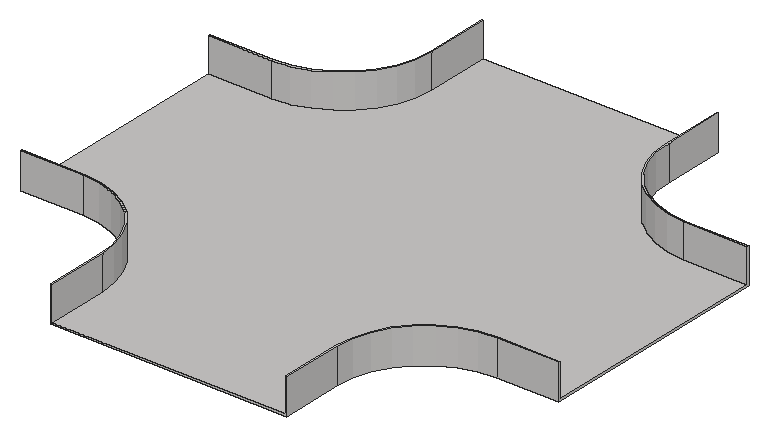
Revit family "Cable_Tray_Fitting-Modular_Channel_Tray-OBO_Bettermann-Channel_Horizontal_Cross_Over_400-600-AZ", category Cable Tray Fittings, Revit 2012
Parameters (values of type "Hot Dipped Galvanised")
  URL = "http://www.obo-bettermann.com/"
  Tray Width 3 [instance] = 400 mm
  Tray Width 1 [instance] = 400 mm
  Tray Length [instance] = 1.588 mm
  Tray Height [instance] = 60 mm
  built-in parameter 1140111 [instance] = 2.58 mm
  Radius Label 1 = Radius + 2.6 mm  # 152.6 mm
  Radius Label [instance] = Radius  # 150 mm
  Radius = 150 mm
  Product Page URL = "http://catalog1.obo-bettermann.com/catalogue/catalogue.do?favOid=kts_433413&act=showIO&lang=de&action=start&catId=KTS&forward=showSolutionView"
  Product Documentation Link = ""
  Pre Galvanized = yes
  Model = "AZ"
  Manufacturer = "OBO Bettermann"
  Description = "Modular AZ Channel Tray"
  Connector Description 4 = "Connector for Cable Tray 4"  # constant formula
  Connector Description 3 = "Connector for Cable Tray 3"  # constant formula
  Connector Description 2 = "Connector for Cable Tray 2"  # constant formula
  Connector Description = "Connector for Cable Tray 1"  # constant formula
  Classification = "Refer to online Catalog for UL and cUL classifed sizes and wire sizes."
  Cable Tray Material = Metal - OBO Bettermann - Hot-Dipped-Galvanised
  Assembly Code = "D5030600"
Types (2, lengths in mm): name | Cable Tray Material
  Hot Dipped Galvanised | Metal - OBO Bettermann - Hot-Dipped-Galvanised
  Strip Galvanised | Metal - OBO Bettermann - Strip-Galvanised
Reference planes
  plane 1 "Center (Front/Back)": y = 0
  plane 2: z = 0
  plane 3 "Center (Left/Right)": x = 0
  plane 4: y = 200
  plane 5: y = -200
  plane 6: z = 30
  plane 7: z = -30
  plane 8: y = -453.413
  plane 9: x = -200
  plane 10: x = 200
  plane 11: x = -453.412
  plane 12: x = 453.413
  plane 13: y = -197.42
  plane 14: y = 197.42
  plane 15: y = -455
  plane 16: x = -197.42
  plane 17: x = 197.42
  plane 18: x = -455
  plane 19: x = 455
  plane 20: z = -27.42
  plane 21: y = 453.412
  plane 22: y = 455
Forms (mm)
  Extrusion 1, solid, material "Metal - OBO Bettermann - Hot-Dipped-Galvanised" <- "Cable Tray Material", detail levels medium+fine
    sketch origin (377.212, 0, 0) x (1, 0, 0) y (0, 1, 0)
      loop
        line (-832.212, -197.42) -> (-832.212, -200) -> (-727.212, -200)
        arc (-727.212, -200) -> (-621.146, -243.934) -> (-577.212, -350) r 150
        line (-577.212, -350) -> (-577.212, -455) -> (-574.633, -455) -> (-574.633, -347.51)
        arc (-574.633, -347.51) -> (-619.308, -242.096) -> (-724.723, -197.42) r 152.6
        line (-724.723, -197.42) -> (-832.212, -197.42)
      loop
        line (-27.212, -200) -> (77.788, -200) -> (77.788, -197.42) -> (-29.702, -197.42)
        arc (-29.702, -197.42) -> (-135.117, -242.096) -> (-179.792, -347.51) r 152.6
        line (-179.792, -347.51) -> (-179.792, -455) -> (-177.212, -455) -> (-177.212, -350)
        arc (-177.212, -350) -> (-133.279, -243.934) -> (-27.212, -200) r 150
      loop
        line (-832.212, 197.42) -> (-724.723, 197.42)
        arc (-724.723, 197.42) -> (-619.308, 242.096) -> (-574.633, 347.51) r 152.6
        line (-574.633, 347.51) -> (-574.633, 455) -> (-577.212, 455) -> (-577.212, 350)
        arc (-577.212, 350) -> (-621.146, 243.934) -> (-727.212, 200) r 150
        line (-727.212, 200) -> (-832.212, 200) -> (-832.212, 197.42)
      loop
        arc (-27.212, 200) -> (-133.279, 243.934) -> (-177.212, 350) r 150
        line (-177.212, 350) -> (-177.212, 455) -> (-179.792, 455) -> (-179.792, 347.51)
        arc (-179.792, 347.51) -> (-135.117, 242.096) -> (-29.702, 197.42) r 152.6
        line (-29.702, 197.42) -> (77.788, 197.42) -> (77.788, 200) -> (-27.212, 200)
    from -30 to 30
  Extrusion 2, solid, material "Metal - OBO Bettermann - Hot-Dipped-Galvanised" <- "Cable Tray Material", detail levels medium+fine
    sketch origin (0, 0, 0) x (1, 0, 0) y (0, 1, 0)
      loop
        line (-455, 200) -> (-455, -200) -> (-350, -200)
        arc (-350, -200) -> (-243.934, -243.934) -> (-200, -350) r 150
        line (-200, -350) -> (-200, -455) -> (200, -455) -> (200, -350)
        arc (200, -350) -> (243.934, -243.934) -> (350, -200) r 150
        line (350, -200) -> (455, -200) -> (455, 200) -> (350, 200)
        arc (350, 200) -> (243.934, 243.934) -> (200, 350) r 150
        line (200, 350) -> (200, 455) -> (-200, 455) -> (-200, 350)
        arc (-200, 350) -> (-243.934, 243.934) -> (-350, 200) r 150
        line (-350, 200) -> (-455, 200)
    from -30 to -27.42
  Extrusion 3, solid, material "Metal - OBO Bettermann - Hot-Dipped-Galvanised" <- "Cable Tray Material", detail levels medium
    sketch origin (0, 0, 0) x (1, 0, 0) y (0, 1, 0)
      loop
        line (-455, 200) -> (-455, -200) -> (-350, -200)
        arc (-350, -200) -> (-243.934, -243.934) -> (-200, -350) r 150
        line (-200, -350) -> (-200, -455) -> (200, -455) -> (200, -350)
        arc (200, -350) -> (243.934, -243.934) -> (350, -200) r 150
        line (350, -200) -> (455, -200) -> (455, 200) -> (350, 200)
        arc (350, 200) -> (243.934, 243.934) -> (200, 350) r 150
        line (200, 350) -> (200, 455) -> (-200, 455) -> (-200, 350)
        arc (-200, 350) -> (-243.934, 243.934) -> (-350, 200) r 150
        line (-350, 200) -> (-455, 200)
    from -30 to 30
Cuts and joins
  joined: Extrusion 1, Extrusion 2
Lines and regions (mm)
  model lines, style "Coarse View", detail levels coarse
    curve 1: line (-455, 0, 0) -> (455, 0, 0)
    curve 2: line (0, 0, 0) -> (0, -455, 0)
    curve 3: line (0, 455, 0) -> (0, 0, 0)
  symbolic lines, detail levels fine
    curve 4: line (197.42, 455, 0) -> (197.42, 453.412, 0)
    curve 5: line (453.413, 197.42, 0) -> (455, 197.42, 0)
    curve 6: line (455, -197.42, 0) -> (453.413, -197.42, 0)
    curve 7: line (197.42, -453.413, 0) -> (197.42, -455, 0)
    curve 8: line (-197.42, -455, 0) -> (-197.42, -453.413, 0)
    curve 9: line (-453.412, -197.42, 0) -> (-455, -197.42, 0)
    curve 10: line (-200, -350, 0) -> (-200, -455, 0)
    curve 11: arc (-350, -200, 0) -> (-243.934, -243.934, 0) -> (-200, -350, 0) r 150
    curve 12: line (-455, -200, 0) -> (-350, -200, 0)
    curve 13: line (350, -200, 0) -> (455, -200, 0)
    curve 14: arc (200, -350, 0) -> (243.934, -243.934, 0) -> (350, -200, 0) r 150
    curve 15: line (200, -455, 0) -> (200, -350, 0)
    curve 16: line (200, 350, 0) -> (200, 455, 0)
    curve 17: arc (350, 200, 0) -> (243.934, 243.934, 0) -> (200, 350, 0) r 150
    curve 18: line (455, 200, 0) -> (350, 200, 0)
    curve 19: line (-350, 200, 0) -> (-455, 200, 0)
    curve 20: arc (-200, 350, 0) -> (-243.934, 243.934, 0) -> (-350, 200, 0) r 150
    curve 21: line (-200, 455, 0) -> (-200, 350, 0)
Dimensions and locks
  equal spacing: plane 4, plane 1 "Center (Front/Back)", plane 5
  "Tray Width 1": plane 4 to plane 5
  equal spacing: plane 6, plane 2, plane 7
  "Tray Height": plane 6 to plane 7
  equal spacing: plane 9, plane 3 "Center (Left/Right)", plane 10
  "Tray Width 3": plane 9 to plane 10
  "built-in parameter 1140111": plane 13 to plane 5
  "built-in parameter 1140111": plane 4 to plane 14
  "Tray Length": plane 8 to plane 15
  "built-in parameter 1140111": plane 9 to plane 16
  "built-in parameter 1140111": plane 17 to plane 10
  "Tray Length": plane 18 to plane 11
  "Tray Length": plane 12 to plane 19
  "built-in parameter 1140111": plane 20 to plane 7
  "Tray Length": plane 21 to plane 22
  locked: plane 18 to plane 9 at 255
  locked: plane 10 to plane 19 at 255
  equal spacing: plane 18, plane 3 "Center (Left/Right)", plane 19
  locked: plane 4 to plane 22 at 255
  locked: plane 5 to plane 15 at 255
  equal spacing: plane 15, plane 1 "Center (Front/Back)", plane 22
  "Radius Label": radius of Extrusion 3 sketch curve  (x4)
  "Radius Label": radius of Extrusion 1 sketch curve  (x4)
  "Radius Label 1": radius of Extrusion 1 sketch curve  (x4)
  aligned and locked: Extrusion 1 to plane 7
  aligned and locked: plane 6 to Extrusion 1
  aligned and locked: plane 5 to Extrusion 2 sketch curve
  aligned and locked: plane 19 to Extrusion 2 sketch curve
  aligned and locked: plane 9 to Extrusion 2 sketch curve
  aligned and locked: Extrusion 2 sketch curve to plane 15
  aligned and locked: Extrusion 2 to plane 7
  aligned and locked: plane 20 to Extrusion 2
  aligned and locked: plane 18 to Extrusion 3 sketch curve
  aligned and locked: Extrusion 3 sketch curve to plane 5
  aligned and locked: plane 4 to Extrusion 3 sketch curve  (x2)
  aligned and locked: plane 5 to Extrusion 3 sketch curve
  aligned and locked: plane 10 to Extrusion 3 sketch curve
  aligned and locked: plane 9 to Extrusion 3 sketch curve
  aligned and locked: Extrusion 3 sketch curve to plane 15
  aligned and locked: Extrusion 3 to plane 7
  aligned and locked: plane 6 to Extrusion 3
  aligned and locked: plane 19 to curve 1
  aligned and locked: plane 18 to curve 1
  aligned and locked: plane 15 to curve 2
  aligned and locked: plane 1 "Center (Front/Back)" to curve 2
  aligned and locked: curve 2 to plane 3 "Center (Left/Right)"
  aligned and locked: plane 22 to curve 3
  aligned and locked: curve 3 to plane 3 "Center (Left/Right)"
  aligned and locked: plane 18 to curve 9
  aligned and locked: plane 15 to curve 8
  aligned and locked: plane 15 to curve 7
  aligned and locked: plane 19 to curve 6
  aligned and locked: plane 19 to curve 5
  aligned and locked: plane 22 to curve 4
  aligned and locked: Extrusion 2 sketch curve to cut or joined group of Extrusion 1, Extrusion 2  (x8)
  aligned and locked: curve 11 to cut or joined group of Extrusion 1, Extrusion 2
  aligned and locked: curve 12 to cut or joined group of Extrusion 1, Extrusion 2
  aligned and locked: curve 14 to cut or joined group of Extrusion 1, Extrusion 2
  aligned and locked: curve 17 to cut or joined group of Extrusion 1, Extrusion 2
  aligned and locked: curve 18 to cut or joined group of Extrusion 1, Extrusion 2
  aligned and locked: curve 20 to cut or joined group of Extrusion 1, Extrusion 2
  aligned and locked: curve 21 to cut or joined group of Extrusion 1, Extrusion 2
Automatic sketch dimensions
  curve 9 to plane 11 = 0 mm
  curve 7 to plane 8 = 0 mm
  curve 7 to plane 17 = 0 mm
  curve 4 to plane 17 = 0 mm
  curve 6 to plane 13 = 0 mm
  curve 9 to plane 13 = 0 mm
  Extrusion 3 sketch curve to plane 9 = 0 mm
  Extrusion 3 sketch curve to plane 10 = 0 mm
  Extrusion 3 sketch curve to plane 19 = 0 mm
  plane 22 to Extrusion 3 sketch curve = 0 mm
  Extrusion 1 sketch curve to Extrusion 1 sketch curve = 0 mm  (x8)
  Extrusion 1 sketch curve to plane 13 = 0 mm  (x2)
  Extrusion 1 sketch curve to plane 18 = 0 mm  (x2)
  Extrusion 1 sketch curve to plane 4 = 0 mm  (x2)
  Extrusion 1 sketch curve to plane 5 = 0 mm  (x2)
  Extrusion 1 sketch curve to plane 14 = 0 mm  (x2)
  Extrusion 1 sketch curve to plane 9 = 0 mm  (x2)
  Extrusion 1 sketch curve to plane 16 = 0 mm  (x2)
  Extrusion 1 sketch curve to plane 17 = 0 mm  (x2)
  Extrusion 1 sketch curve to plane 10 = 0 mm  (x2)
  Extrusion 1 sketch curve to plane 19 = 0 mm  (x2)
  Extrusion 1 sketch curve to plane 15 = 0 mm  (x2)
  plane 22 to Extrusion 1 sketch curve = 0 mm  (x2)
  Extrusion 2 sketch curve to plane 18 = 0 mm
  plane 22 to Extrusion 2 sketch curve = 0 mm
  curve 10 to plane 15 = 0 mm
  curve 12 to plane 18 = 0 mm
  curve 8 to plane 8 = 0 mm
  curve 8 to plane 16 = 0 mm
  curve 6 to plane 12 = 0 mm
  curve 13 to plane 19 = 0 mm
  curve 15 to plane 15 = 0 mm
  plane 22 to curve 16 = 0 mm
  curve 18 to plane 19 = 0 mm
  curve 5 to plane 12 = 0 mm
  curve 5 to plane 14 = 0 mm
  plane 21 to curve 4 = 0 mm
  curve 19 to plane 18 = 0 mm
  plane 22 to curve 21 = 0 mm
Connectors
  cabletrayconduit at (-455, 0, 0), driven by "Tray Height", driven by "Tray Width 1", driven by "Connector Description"
    settings: on Extrusion 3, index 1, connector width 400 mm, connector height 60 mm, connector radius 304.8 mm, connector angle 0.00°, system type 32, placement type 0, profile type 1, connector reference index 2, is primary connector yes, connector utility param no, connector description "Connector for Cable Tray 1"
  cabletrayconduit at (455, 0, 0), driven by "Tray Height", driven by "Tray Width 1", driven by "Connector Description 2"
    settings: on Extrusion 3, index 2, connector width 400 mm, connector height 60 mm, connector radius 304.8 mm, connector angle 0.00°, system type 32, placement type 0, profile type 1, connector reference index 1, is primary connector no, connector utility param no, connector description "Connector for Cable Tray 2"
  cabletrayconduit at (0, -455, 0), driven by "Tray Height", driven by "Tray Width 3", driven by "Connector Description 3"
    settings: on Extrusion 3, index 3, connector width 400 mm, connector height 60 mm, connector radius 304.8 mm, connector angle 0.00°, system type 32, placement type 0, profile type 1, connector reference index 4, is primary connector no, connector utility param no, connector description "Connector for Cable Tray 3"
  cabletrayconduit at (0, 455, 0), driven by "Tray Height", driven by "Tray Width 3", driven by "Connector Description 4"
    settings: on Extrusion 3, index 4, connector width 400 mm, connector height 60 mm, connector radius 304.8 mm, connector angle 0.00°, system type 32, placement type 0, profile type 1, connector reference index 3, is primary connector no, connector utility param no, connector description "Connector for Cable Tray 4"
